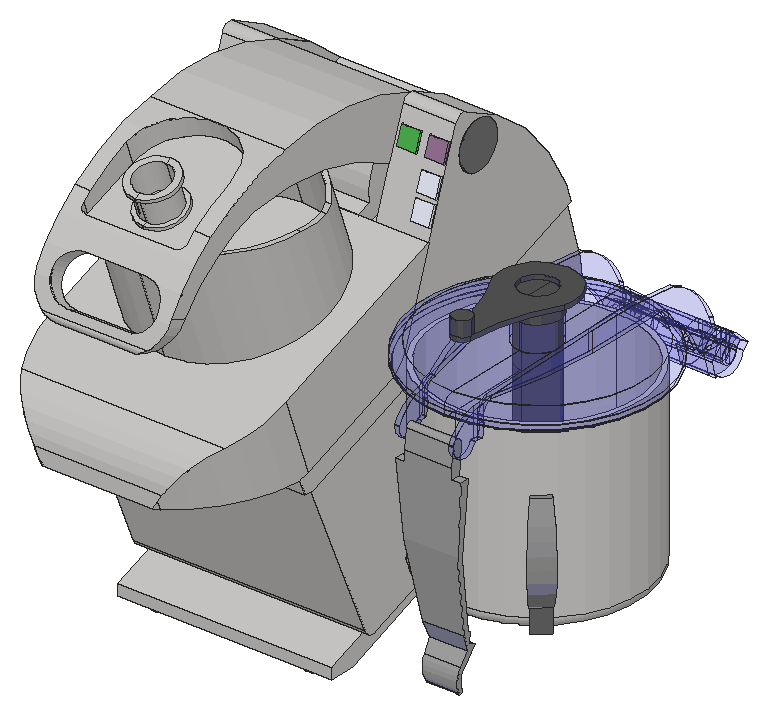
Revit family "QF_DITOSAMA_600434_DTRK55Y", category Specialty Equipment, Revit 2018 (continued)
Definition of nested family "QF_600434_BOWL"
  Lines and regions (mm)
    symbolic lines
      curve 65: arc (-128, -18.211, 0) -> (-101.973, 25.34, 0) -> (-60.771, 54.948, 0) r 124.909
      curve 66: arc (-128, -100.142, 0) -> (-134.909, -59.177, 0) -> (-128, -18.211, 0) r 124.909
      curve 67: line (-108, -177.764, 0) -> (-49.233, -177.764, 0)
      curve 68: line (-128, 191, 0) -> (-128, -17.764, 0)
      curve 69: line (29.233, -177.764, 0) -> (108, -177.764, 0)
      curve 70: line (-128, -97.764, 0) -> (-128, -157.764, 0)
      curve 71: line (-108, 211, 0) -> (108, 211, 0)
      curve 72: arc (-128, -157.764, 0) -> (-122.142, -171.906, 0) -> (-108, -177.764, 0) r 20
      curve 73: arc (108, -177.764, 0) -> (122.142, -171.906, 0) -> (128, -157.764, 0) r 20
      curve 74: arc (128, 191, 0) -> (122.142, 205.142, 0) -> (108, 211, 0) r 20
      curve 75: arc (-108, 211, 0) -> (-122.142, 205.142, 0) -> (-128, 191, 0) r 20
      curve 76: line (45.852, 123.86, 0) -> (-71.073, 123.86, 0)
      curve 77: line (45.852, 137.378, 0) -> (-65.852, 137.378, 0)
      curve 78: line (45.852, 143.082, 0) -> (-65.852, 143.082, 0)
      curve 79: line (53.607, 123.86, 0) -> (45.852, 123.86, 0)
      curve 80: line (45.852, 123.86, 0) -> (45.852, 170.216, 0)
      curve 81: line (45.852, 170.216, 0) -> (-65.852, 170.216, 0)
      curve 82: line (-65.852, 170.216, 0) -> (-65.852, 123.86, 0)
      curve 83: line (102.599, 101.361, 0) -> (117.599, 101.361, 0)
  Dimensions and locks
    plane 4 "TOP" to level = 705.4 mm  (x2)
    plane 7 "LEFT" to plane 3 "Center (Left/Right)" to plane 8 "RIGHT" = 128 mm, 128 mm
    plane 6 "BACK" to plane 1 "Center (Front/Back)" to plane 5 "FRONT" = 211 mm, 211 mm
    plane 6 "BACK" to plane 5 "FRONT" = 422 mm
    plane 7 "LEFT" to plane 8 "RIGHT" = 256 mm
    plane 9 "CenterX" to plane 3 "Center (Left/Right)" = 10 mm
    plane 12 to level = 510 mm
    aligned and locked: level to plane 2
    aligned and locked: Extrusion 5 to cut or joined group of Extrusion 8, Extrusion 9, Extrusion 11, Extrusion 20
